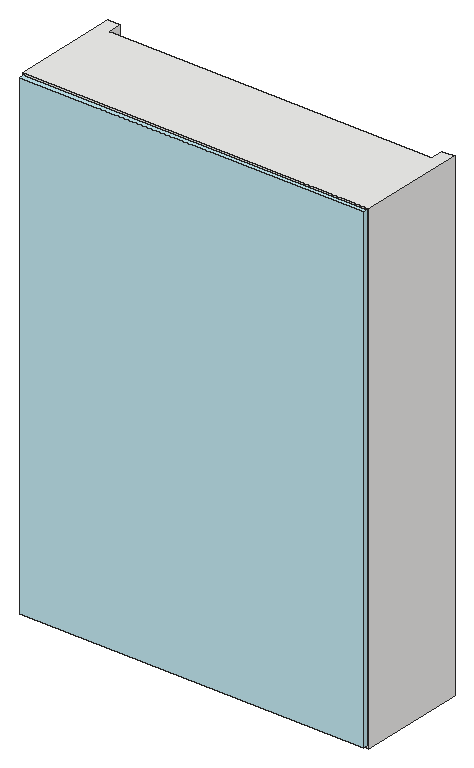
Revit family "Go mirror cabinet 450", category Furniture, Revit 2019
Family settings
  OmniClass Number = 23.40.20.00
  OmniClass Title = General Furniture and Specialties
  Work Plane-Based = No
  Always vertical = Yes
  Cut with Voids When Loaded = No
  Shared = No
  Room Calculation Point = No
Parameters (values of type "Go mirror cabinet 450 white matt")
  Width cabinet = 450 mm
  URL = "www.hafa.se"
  Model = "Go mirror cabinets"
  Material body = "MDF/HDF/Chip board moisture restistant. E1 and FSC certified."
  Manufacturer = "Hafa Bathroom Group AB"
  Glass doors = Mirror glass
  GTIN = "7330027103594"
  Depth cabinet = 145 mm
  Cabinet body = NCS S 0300-N 20% gloss
  Article number = "1580200"
Types (3, lengths in mm): name | GTIN | Cabinet body | Article number
  (no name) | "7330027103594" | NCS S 0300-N 20% gloss | "1580200"
  Go mirror cabinet 450 white matt | "7330027103594" | NCS S 0300-N 20% gloss | "1580200"
  Go mirror cabinet 450 black matt | "7330027103600" | NCS S 9000-N 10% gloss | "1580201"
Reference planes
  plane 1 "Center (Front/Back)": y = 0
  plane 2: z = -22
  plane 3 "Center (Left/Right)": x = 0
  plane 4: y = -145
  plane 5: x = -225
  plane 6: x = 225
  plane 7: y = -139
  plane 8: z = -24
  plane 9: z = -648
  plane 10: x = -209
  plane 11: x = 209
  plane 12: z = -628
  plane 13: z = -38
  plane 14: z = -612
  plane 15: y = -21.3
  plane 16: y = -17.3
  plane 17: x = 223
  plane 18: x = -223
Forms (mm)
  Extrusion 1, solid, material "NCS S 0300-N 20% gloss" <- "Cabinet body"
    sketch origin (0, 0, -22) x (1, 0, 0) y (0, 1, 0)
      loop
        line (-225, 0) -> (-225, -139) -> (225, -139) -> (225, 0) -> (-225, 0)
    from 0 to -628
  Extrusion 2, void
    sketch origin (0, 0, 0) x (1, 0, 0) y (0, 0, 1)
      loop
        line (-209, -38) -> (-209, -612) -> (209, -612) -> (209, -38) -> (-209, -38)
    from 21.3 to 139
  Extrusion 3, void
    sketch origin (0, 0, 0) x (1, 0, 0) y (0, 0, 1)
      loop
        line (-209, -628) -> (-209, -650) -> (209, -650) -> (209, -628) -> (-209, -628)
    from 0 to 139
  Extrusion 4, void
    sketch origin (0, 0, 0) x (1, 0, 0) y (0, 0, 1)
      loop
        line (-209, -22) -> (-209, -628) -> (209, -628) -> (209, -22) -> (-209, -22)
    from 0 to 17.3
  Extrusion 5, solid, material "Mirror glass" <- "Glass doors"
    sketch origin (0, 0, 0) x (1, 0, 0) y (0, 0, 1)
      loop
        line (223, -648) -> (223, -24) -> (-223, -24) -> (-223, -648) -> (223, -648)
    from 139 to 145
Cuts and joins
  Extrusion 2, Extrusion 3, Extrusion 4 cuts Extrusion 1
Lines and regions (mm)
  reference lines
    curve 1: line (-225, 0, -22) -> (225, 0, -22)
    curve 2: line (-225, -139, -22) -> (-225, 0, -22)
    curve 3: line (225, -139, -22) -> (-225, -139, -22)
    curve 4: line (225, 0, -22) -> (225, -139, -22)
    curve 5: line (-209, 0, -628) -> (209, 0, -628)
    curve 6: line (-209, 0, -650) -> (-209, 0, -628)
    curve 7: line (209, 0, -650) -> (-209, 0, -650)
    curve 8: line (209, 0, -628) -> (209, 0, -650)
    curve 9: line (-209, 0, -38) -> (209, 0, -38)
    curve 10: line (-209, 0, -612) -> (-209, 0, -38)
    curve 11: line (209, 0, -612) -> (-209, 0, -612)
    curve 12: line (209, 0, -38) -> (209, 0, -612)
Dimensions and locks
  equal spacing: plane 5, plane 3 "Center (Left/Right)", plane 6
  "Width cabinet": plane 5 to plane 6
  locked: plane 4 to plane 7 at 6
  locked: plane 1 "Center (Front/Back)" to plane 4 at 145
  plane 9 to Extrusion 1 = 2 mm
  locked: level to plane 8 at 2
  locked: level to plane 13 at 16
  locked: plane 12 to plane 9 at 20
  locked: plane 6 to plane 11 at 16
  locked: plane 10 to plane 5 at 16
  locked: plane 14 to plane 12 at 16
  locked: Extrusion 1 to plane 15 at 21.3
  locked: plane 1 "Center (Front/Back)" to plane 16 at 17.3
  locked: plane 5 to plane 18 at 2
  locked: plane 6 to plane 17 at 2
  aligned and locked: level to plane 2
  aligned and locked: plane 1 "Center (Front/Back)" to curve 1
  aligned and locked: plane 5 to curve 2
  aligned and locked: plane 7 to curve 3
  aligned and locked: curve 4 to plane 6
  aligned and locked: Extrusion 1 sketch curve to curve 1
  aligned and locked: Extrusion 1 sketch curve to curve 2
  aligned and locked: Extrusion 1 sketch curve to curve 3
  aligned and locked: Extrusion 1 sketch curve to curve 4
  aligned and locked: curve 5 to plane 12
  aligned and locked: plane 10 to curve 6
  aligned and locked: curve 7 to Extrusion 1
  aligned and locked: curve 8 to plane 11
  aligned and locked: curve 9 to plane 13
  aligned and locked: plane 10 to curve 10
  aligned and locked: plane 14 to curve 11
  aligned and locked: curve 12 to plane 11
  aligned and locked: Extrusion 2 sketch curve to curve 9
  aligned and locked: Extrusion 2 sketch curve to curve 10
  aligned and locked: Extrusion 2 sketch curve to curve 11
  aligned and locked: Extrusion 2 sketch curve to curve 12
  aligned and locked: Extrusion 2 to plane 15
  aligned and locked: Extrusion 2 to plane 7
  aligned and locked: Extrusion 3 sketch curve to curve 5
  aligned and locked: Extrusion 3 sketch curve to curve 6
  aligned and locked: Extrusion 3 sketch curve to curve 7
  aligned and locked: Extrusion 3 sketch curve to curve 8
  aligned and locked: Extrusion 3 to Extrusion 1
  aligned and locked: plane 1 "Center (Front/Back)" to Extrusion 3
  aligned and locked: Extrusion 4 sketch curve to level
  aligned and locked: plane 10 to Extrusion 4 sketch curve
  aligned and locked: Extrusion 4 sketch curve to curve 5
  aligned and locked: Extrusion 4 sketch curve to curve 8
  aligned and locked: plane 16 to Extrusion 4
  aligned and locked: Extrusion 4 to plane 1 "Center (Front/Back)"
  aligned and locked: plane 9 to Extrusion 5 sketch curve
  aligned and locked: Extrusion 5 sketch curve to plane 17
  aligned and locked: Extrusion 5 sketch curve to plane 8
  aligned and locked: Extrusion 5 sketch curve to plane 18
  aligned and locked: Extrusion 5 to curve 2
Automatic sketch dimensions
  curve 8 to plane 9 = 2 mm
